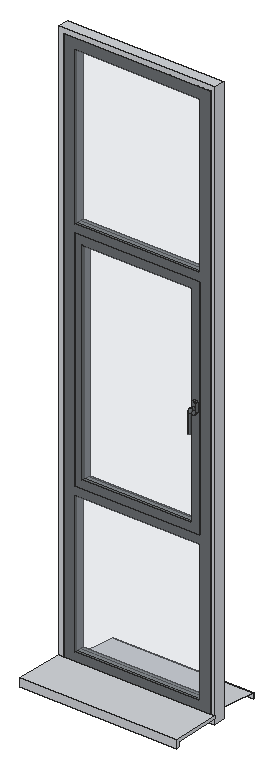
Revit family "AVLN_Окно_Две Фрамуга_1 створка", category Окна, Revit 2021
Family settings
  Основа = Стена
  Номер OmniClass = 23.30.20.00
  Заголовок OmniClass = Windows
  Всегда вертикально = Да
  При загрузке вырезать с полостями = Нет
  Общий = Нет
  Точка принадлежности помещению = Нет
Parameters (values of type "ОК-3 3650х1000 ф/в")
  Ширина рамы = 70 mm
  Ширина импоста = 50 mm
  Четверть слева/справа = 50 mm
  Четверть низ = 0 mm  # constant formula
  Четверть верх = 50 mm
  Створка_сверху_высота = 1000 mm
  Створка_снизу_высота = 900 mm
  Створка_толщина = 25 mm  # constant formula
  Толщина основы [instance] = 200 mm
  Створка_ширина = Width - ((Ширина рамы * 2) + (Монтажный зазор * 2))  # 800 mm
  Створка_слева_ширина = 600 mm
  Створка_профиль = 50 mm
  Створка_высота = Height - (Створка_снизу_высота + Створка_сверху_высота + (Ширина рамы * 2) + (Ширина импоста * 2) + (Монтажный зазор * 2))  # 1450 mm
  Центр право открывание = АВЛН_Створка открывная : Створка повороно-откидная левая
  Рабочая зона = yes
  Rough Width = Width - Монтажный зазор * 2  # 940 mm
  Rough Height = Height - Монтажный зазор * 2  # 3590 mm
  Подстановочный профиль_Ширина = 20 mm  # constant formula
  Подстановочный профиль_Толщина = 60 mm
  Подоконник_Толщина = 20 mm
  Подоконник_Длина = Width  # 1000 mm
  Подоконник_Глубина = 280 mm
  Подоконник = yes
  Определить тепловые свойства по = Тип схем
  Низ право открывание = АВЛН_Створка открывная : Створка глухая
  М.Заполнение нижней створки = ADSK_Стекло_Прозрачное бесцветное_закалённое
  Группа модели = "Окно"
  Глубина вставки = 0 mm
  Отлив_Толщина = 1 mm  # constant formula
  Отлив_Длина = Width - [Четверть слева/справа] * 2  # 900 mm
  Отлив_Глубина = 280 mm
  Отлив = yes
  Откос_Н.Ширина = Width - 2 * [Четверть слева/справа]  # 900 mm
  Откос_Н.Толщина.8 = 32 mm
  Откос_Н.Толщина.7 = 28 mm
  Откос_Н.Толщина.6 = 24 mm
  Откос_Н.Толщина.5 = 20 mm
  Откос_Н.Толщина.4 = 16 mm
  Откос_Н.Толщина.3 = 12 mm
  Откос_Н.Толщина.2 = 8 mm
  Откос_Н.Толщина.1 = 4 mm
  Откос_Н.Отступ_П = 0 mm  # constant formula
  Откос_Н.Отступ_Л = 0 mm  # constant formula
  Откос_Н.Количество слоев = 0
  Откос_Н.Глубина = 150 mm
  Откос_Н.Высота = Height - Четверть верх - Четверть низ  # 3600 mm
  Откос_В.Толщина.8 = 32 mm
  Откос_В.Толщина.7 = 28 mm
  Откос_В.Толщина.6 = 24 mm
  Откос_В.Толщина.5 = 20 mm
  Откос_В.Толщина.4 = 16 mm
  Откос_В.Толщина.3 = 12 mm
  Откос_В.Толщина.2 = 8 mm
  Откос_В.Толщина.1 = 4 mm
  Откос_В.Отступ_П [instance] = Монтажный зазор + Подоконник_Толщина  # 50 mm
  Откос_В.Отступ_Л [instance] = Монтажный зазор + Подоконник_Толщина  # 50 mm
  Откос_В.Количество слоев = 0
  Откос_В.Глубина [instance] = Толщина основы - Глубина вставки - Ширина рамы  # 130 mm
  Монтажный зазор = 30 mm
  М.Подоконник = none
  М.Отлив = none
  М.Откос_Н.8 = none
  М.Откос_Н.7 = none
  М.Откос_Н.6 = none
  М.Откос_Н.5 = none
  М.Откос_Н.4 = none
  М.Откос_Н.3 = none
  М.Откос_Н.2 = none
  М.Откос_Н.1 = Панель фиброцементная Светлая
  М.Откос_В.8 = none
  М.Откос_В.7 = none
  М.Откос_В.6 = none
  М.Откос_В.5 = none
  М.Откос_В.4 = none
  М.Откос_В.3 = none
  М.Откос_В.2 = none
  М.Откос_В.1 = Панель фиброцементная Светлая
  М.Монтажного зазора = none
  М.Стекла = ADSK_Стекло_Прозрачное бесцветное
  М.Рамы = RAL 7016
  М.Подоконный профиль = none
  Type Comments = ""
  Height = 3650 mm
  Высота подоконника по умолчанию = 800 mm
  Замыкание стены = По основе
  Width = 1000 mm
  Верх право открывание = АВЛН_Створка открывная : Створка глухая
  Аналитическая конструкция = "<Нет>"
  АВЛН_Проем_Ширина [instance] = Width  # 1000 mm
  АВЛН_Проем_Высота [instance] = Height  # 3650 mm
  ADSK_Этаж [instance] = ""
  ADSK_Размер_Ширина = Width  # 1000 mm
  ADSK_Размер_Высота = Height  # 3650 mm
  ADSK_Примечание [instance] = ""
  ADSK_Обозначение = "ГОСТ 30674-99"
  ADSK_Номер секции [instance] = ""
  ADSK_Наименование = "ОП Б2 (4М1-12-4М1-12-И4)"
  ADSK_Марка = ""
  ADSK_Группирование = ""
  -----------Разрезка----------- = "-----------"  # constant formula
  -----------Профили----------- = "-----------"  # constant formula
  -----------Подоконник----------- = "-----------"  # constant formula
  -----------Отлив----------- = "-----------"  # constant formula
  -----------Откос----------- = "-----------"  # constant formula
  -----------Основные габариты----------- = "-----------"  # constant formula
  -----------Вставка----------- = "-----------"  # constant formula
Types (5, lengths in mm): name | Створка_сверху_высота | Створка_снизу_высота | Створка_высота | Центр право открывание | Рабочая зона | Rough Height | Низ право открывание | М.Заполнение нижней створки | Группа модели | Отлив_Глубина | Откос_Н.Количество слоев | Откос_Н.Высота | М.Откос_Н.1 | М.Откос_В.1 | М.Стекла | М.Рамы | Height | АВЛН_Проем_Высота | ADSK_Размер_Высота | ADSK_Обозначение | ADSK_Наименование
  3080х1000 | 920 | 920 | 940 | АВЛН_Створка открывная : Створка глухая | no | 3020 | АВЛН_Створка открывная : Створка повороно-откидная левая | Стекло | 0 | 280 | 1 | 3030 | ADSK_Полимеры_ Поливинилхлорид_(ПВХ) белый | ADSK_Полимеры_ Поливинилхлорид_(ПВХ) белый | Стекло | none | 3080 | 3080 | 3080 | "" | ""
  ОК-3.1 3650х1000 ф/в_E30 | 1000 | 900 | 1450 | АВЛН_Створка открывная : Створка повороно-откидная левая | yes | 3590 | АВЛН_Створка открывная : Створка глухая | ADSK_Стекло_Прозрачное бесцветное_закалённое | "Окно" | 280 | 0 | 3600 | Панель фиброцементная Светлая | Панель фиброцементная Светлая | ADSK_Стекло_Прозрачное бесцветное_закалённое | RAL 7016 | 3650 | 3650 | 3650 | "ГОСТ 30674-99" | "ОП Б2 (4М1-12-4М1-12-И4)"
  ОК-7.1 3450х1000_E15 | 1000 | 950 | 1200 | АВЛН_Створка открывная : Створка повороно-откидная левая | yes | 3390 | АВЛН_Створка открывная : Створка глухая | ADSK_Стекло_Прозрачное бесцветное_закалённое | "Окно" | 325 | 0 | 3400 | Панель фиброцементная Светлая | Панель фиброцементная Светлая | ADSK_Стекло_Прозрачное бесцветное_закалённое | RAL 7016 | 3450 | 3450 | 3450 | "ГОСТ 30674-99" | "ОП Б2 (4М1-12-4М1-12-И4)"
  ОК-7 3450х1000 | 1000 | 950 | 1200 | АВЛН_Створка открывная : Створка повороно-откидная левая | yes | 3390 | АВЛН_Створка открывная : Створка глухая | ADSK_Стекло_Прозрачное бесцветное_закалённое | "Окно" | 325 | 0 | 3400 | Панель фиброцементная Светлая | Панель фиброцементная Светлая | ADSK_Стекло_Прозрачное бесцветное | RAL 7016 | 3450 | 3450 | 3450 | "ГОСТ 30674-99" | "ОП Б2 (4М1-12-4М1-12-И4)"
  ОК-3 3650х1000 ф/в | 1000 | 900 | 1450 | АВЛН_Створка открывная : Створка повороно-откидная левая | yes | 3590 | АВЛН_Створка открывная : Створка глухая | ADSK_Стекло_Прозрачное бесцветное_закалённое | "Окно" | 280 | 0 | 3600 | Панель фиброцементная Светлая | Панель фиброцементная Светлая | ADSK_Стекло_Прозрачное бесцветное | RAL 7016 | 3650 | 3650 | 3650 | "ГОСТ 30674-99" | "ОП Б2 (4М1-12-4М1-12-И4)"
Reference planes
  plane 1 "По центру (Вперед/Назад)": y = 0
  plane 2 "По центру (Влево/Вправо)": x = 0
  plane 3 "Слева": x = -500
  plane 4 "Справа": x = 500
  plane 5 "Подоконник": z = 800
  plane 6 "Заголовок": z = 4450
  plane 7 "Наружный": y = 100
  plane 8 "Внутренние": y = -100
  plane 9 "Окно": y = 100
  plane 10: x = 470
  plane 11: z = 4420
  plane 12: x = -470
  plane 13: z = 830
  plane 14: x = 450
  plane 15: x = -450
  plane 16: z = 2625
  plane 17: y = 600
  plane 18: y = -400
  plane 19: z = 4400
  plane 20 "Чет. низ": z = 800
  plane 21 "Внутряння грань": y = 30
  plane 22: y = 80
  plane 23 "Импост верх": z = 1850
  plane 24 "Импост низ": z = 1800
  plane 25: z = 900
  plane 26: z = 4350
  plane 27: x = -400
  plane 28: x = 400
  plane 29 "4": z = 1825
  plane 30 "9": x = 0
  plane 31 "12": z = 2575
  plane 32: z = 1350
  plane 33 "14": z = 3350
  plane 34 "15": z = 3300
  plane 35 "16": z = 3325
  plane 36: z = 3850
  plane 37: y = -970
Forms (mm)
  Extrusion 1, void
    sketch origin (0, 100, 0) x (1, 0, 0) y (0, 0, 1)
      loop
        line (450, 4400) -> (-450, 4400) -> (-450, 800) -> (450, 800) -> (450, 4400)
    from -500 to 20
  Extrusion 2, void
    sketch origin (0, 100, 0) x (1, 0, 0) y (0, 0, 1)
      loop
        line (500, 4450) -> (-500, 4450) -> (-500, 800) -> (500, 800) -> (500, 4450)
    from 0 to 500
  Extrusion 3, solid, material <- "М.Монтажного зазора", detail levels medium+fine
    sketch origin (0, 100, 0) x (1, 0, 0) y (0, 0, 1)
      loop
        line (500, 4450) -> (-500, 4450) -> (-500, 800) -> (500, 800) -> (500, 4450)
      loop
        line (-470, 4420) -> (-470, 830) -> (470, 830) -> (470, 4420) -> (-470, 4420)
    from 0 to 70
  Extrusion 4, solid, material "RAL 7016" <- "М.Рамы", detail levels medium+fine
    sketch origin (0, 100, 0) x (-1, 0, 0) y (0, 0, 1)
      loop
        line (-470, 4420) -> (-470, 830) -> (470, 830) -> (470, 4420) -> (-470, 4420)
      loop
        line (400, 4350) -> (-400, 4350) -> (-400, 3350) -> (400, 3350) -> (400, 4350)
      loop
        line (400, 1800) -> (-400, 1800) -> (-400, 900) -> (400, 900) -> (400, 1800)
      loop
        line (400, 1850) -> (400, 3300) -> (-400, 3300) -> (-400, 1850) -> (400, 1850)
    from -70 to 0
Lines and regions (mm)
  reference lines
    curve 1: line (-500, -100, 1825) -> (500, -100, 1825)
    curve 2: line (-500, -100, 3325) -> (500, -100, 3325)
  model lines, style "Рабочая зона", visible <- "Рабочая зона"
    curve 3: line (500, 30, 800) -> (500, -970, 800)
    curve 4: line (-500, 70.483, 800) -> (-500, -970, 800)
    curve 5: line (-500, -970, 800) -> (500, -970, 800)
Text (mm)
  text "EXTERIOR" at (-1963.203, 1332.353, 0), in view "Опорный уровень"
  text "INTERIOR" at (-1981.466, -818.386, 0), in view "Опорный уровень"
  text "Наружный" at (0, 923.751, 2943.296), in view "Справа"
  text "Наружный" at (0, 1240.237, 2685.409), in view "Слева"
Dimensions and locks
  equal spacing: plane 3 "Слева", plane 2 "По центру (Влево/Вправо)", plane 4 "Справа"
  "Width": plane 3 "Слева" to plane 4 "Справа"
  "Height": plane 5 "Подоконник" to plane 6 "Заголовок"
  "Высота подоконника по умолчанию": plane 5 "Подоконник" to level
  locked: plane 7 "Наружный" to host wall
  locked: plane 8 "Внутренние" to host wall
  "Глубина вставки": plane 9 "Окно" to plane 7 "Наружный"
  "Монтажный зазор": plane 10 to plane 4 "Справа"
  "Монтажный зазор": plane 3 "Слева" to plane 12
  "Монтажный зазор": plane 11 to plane 6 "Заголовок"
  "Монтажный зазор": plane 5 "Подоконник" to plane 13
  "Четверть слева/справа": plane 14 to plane 4 "Справа"
  "Четверть слева/справа": plane 3 "Слева" to plane 15
  equal spacing: plane 5 "Подоконник", plane 16, plane 6 "Заголовок"
  locked: plane 7 "Наружный" to plane 17 at 500
  locked: plane 18 to plane 8 "Внутренние" at 300
  "Четверть верх": plane 19 to plane 6 "Заголовок"
  "Четверть низ": plane 5 "Подоконник" to plane 20 "Чет. низ"
  "Ширина рамы": plane 9 "Окно" to plane 21 "Внутряння грань"
  "Толщина основы": host wall to host wall
  locked: plane 22 to plane 21 "Внутряння грань" at 50
  "Ширина импоста": plane 24 "Импост низ" to plane 23 "Импост верх"
  "Ширина рамы": plane 28 to plane 10
  "Ширина рамы": plane 12 to plane 27
  "Ширина рамы": plane 13 to plane 25
  "Ширина рамы": plane 26 to plane 11
  plane 23 "Импост верх" to plane 26 = 2500 mm
  "Створка_снизу_высота": plane 25 to plane 24 "Импост низ"
  equal spacing: plane 23 "Импост верх", plane 29 "4", plane 24 "Импост низ"
  equal spacing: plane 34 "15", plane 31 "12", plane 23 "Импост верх"
  equal spacing: plane 24 "Импост низ", plane 32, plane 25
  plane 23 "Импост верх" to nested 5 to plane 26 = 725 mm, 1775 mm
  plane 25 to plane 32 to plane 24 "Импост низ" = 450 mm, 450 mm
  "Ширина импоста": plane 34 "15" to plane 33 "14"
  equal spacing: plane 33 "14", plane 35 "16", plane 34 "15"
  "Створка_сверху_высота": plane 33 "14" to plane 26
  equal spacing: plane 33 "14", plane 36, plane 26
  "Width": plane 21 "Внутряння грань" to plane 37
  aligned and locked: Extrusion 1 sketch curve to plane 14
  aligned and locked: Extrusion 1 sketch curve to plane 15
  aligned and locked: plane 17 to Extrusion 1
  aligned and locked: Extrusion 2 sketch curve to plane 6 "Заголовок"
  aligned and locked: Extrusion 2 sketch curve to plane 4 "Справа"
  aligned and locked: plane 5 "Подоконник" to Extrusion 2 sketch curve
  aligned and locked: Extrusion 2 sketch curve to plane 3 "Слева"
  aligned and locked: plane 9 "Окно" to Extrusion 2
  aligned and locked: Extrusion 2 to plane 18
  aligned and locked: Extrusion 1 sketch curve to plane 19
  aligned and locked: plane 20 "Чет. низ" to Extrusion 1 sketch curve
  aligned and locked: plane 9 "Окно" to nested 1
  aligned and locked: plane 2 "По центру (Влево/Вправо)" to nested 1
  aligned and locked: nested 2 to plane 21 "Внутряння грань"
  aligned and locked: nested 2 to plane 2 "По центру (Влево/Вправо)"
  aligned and locked: nested 3 to plane 2 "По центру (Влево/Вправо)"
  aligned and locked: plane 8 "Внутренние" to nested 3
  aligned and locked: nested 4 to plane 9 "Окно"
  aligned and locked: Extrusion 3 sketch curve to plane 6 "Заголовок"
  aligned and locked: Extrusion 3 sketch curve to plane 4 "Справа"
  aligned and locked: Extrusion 3 sketch curve to nested 2  (x2)
  aligned and locked: Extrusion 3 sketch curve to plane 11
  aligned and locked: Extrusion 3 sketch curve to plane 12
  aligned and locked: plane 13 to Extrusion 3 sketch curve
  aligned and locked: Extrusion 3 sketch curve to plane 10
  aligned and locked: Extrusion 3 to nested 2
  aligned and locked: Extrusion 4 sketch curve to Extrusion 4 sketch curve
  aligned and locked: plane 27 to Extrusion 4 sketch curve
  aligned and locked: Extrusion 4 sketch curve to plane 12
  aligned and locked: plane 13 to Extrusion 4 sketch curve
  aligned and locked: Extrusion 4 sketch curve to plane 11
  aligned and locked: plane 20 "Чет. низ" to nested 4
  aligned and locked: nested 4 to plane 2 "По центру (Влево/Вправо)"
  aligned and locked: plane 9 "Окно" to Extrusion 3
  aligned and locked: Extrusion 4 to plane 21 "Внутряння грань"
  aligned and locked: plane 9 "Окно" to Extrusion 4
  aligned and locked: Extrusion 1 to plane 22
  aligned and locked: curve 1 to plane 29 "4"
  aligned and locked: plane 3 "Слева" to curve 1
  aligned and locked: plane 4 "Справа" to curve 1
  aligned and locked: Extrusion 4 sketch curve to plane 10
  aligned and locked: plane 26 to Extrusion 4 sketch curve
  aligned and locked: Extrusion 4 sketch curve to plane 25
  aligned and locked: Extrusion 4 sketch curve to plane 28
  aligned and locked: Extrusion 4 sketch curve to plane 24 "Импост низ"
  aligned and locked: Extrusion 4 sketch curve to plane 23 "Импост верх"
  aligned and locked: plane 31 "12" to nested 5
  aligned and locked: plane 32 to nested 6
  aligned and locked: plane 28 to Extrusion 4
  aligned and locked: Extrusion 4 to plane 27
  aligned and locked: plane 33 "14" to Extrusion 4 sketch curve
  aligned and locked: plane 34 "15" to Extrusion 4 sketch curve
  aligned and locked: plane 36 to nested 7
  aligned and locked: curve 2 to plane 35 "16"
  aligned and locked: nested 7 to plane 30 "9"
  aligned and locked: plane 30 "9" to nested 5
  aligned and locked: plane 30 "9" to nested 6
  aligned and locked: plane 3 "Слева" to curve 4
  aligned and locked: plane 4 "Справа" to curve 3
  aligned and locked: curve 5 to plane 37
Automatic sketch dimensions
  plane 3 "Слева" to curve 2 = 0 mm
  plane 4 "Справа" to curve 2 = 0 mm
  plane 28 to Extrusion 4 sketch curve = 0 mm  (x2)
  plane 27 to Extrusion 4 sketch curve = 0 mm
  curve 3 to plane 21 "Внутряння грань" = 0 mm
  curve 4 to plane 22 = 9.517 mm
Nested families
  nested 1: "Отлив" at (0, 100, 800) x (-1, 0, 0) z (0, 0, 1), Глубина отлива <- "Отлив_Глубина", Длина отлива <- "Отлив_Длина", ТО <- "Отлив_Толщина", Ш_МЗЗ <- "Монтажный зазор", Ш_ПП <- "Подстановочный профиль_Ширина", ADSK_Группирование <- "ADSK_Группирование", ADSK_Номер секции <- "ADSK_Номер секции", ADSK_Этаж <- "ADSK_Этаж", visible <- "Отлив", М <- "М.Отлив", type "Отлив", detail levels fine
    with Ш_ПП 20 mm, Ш_МЗЗ 30 mm, ТО 1 mm, М none, Длина отлива 900 mm, Глубина отлива 280 mm, ADSK_Этаж "", ADSK_Примечание "", ADSK_Обозначение "", ADSK_Номер секции "", ADSK_Наименование "", ADSK_Марка "", ADSK_Группирование ""
  nested 2: "Подоконник" at (0, 30, 800), Глубина подоконника <- "Подоконник_Глубина", Длина отлива <- "Подоконник_Длина", ТП <- "Подоконник_Толщина", Ш_МЗЗ <- "Монтажный зазор", Ш_ПП <- "Подстановочный профиль_Ширина", ADSK_Группирование <- "ADSK_Группирование", ADSK_Этаж <- "ADSK_Этаж", visible <- "Подоконник", М <- "М.Подоконник", type "Подоконник", detail levels fine
    with Ш_ПП 20 mm, Ш_МЗЗ 30 mm, ТП 20 mm, М none, Длина отлива 1000 mm, Глубина подоконника 280 mm, ADSK_Этаж "", ADSK_Размер_Длина 1000 mm, ADSK_Размер_Глубина 280 mm, ADSK_Номер секции "", ADSK_Марка "", ADSK_Группирование ""
  nested 3: "AVLN_Откосы_R19" at (0, -100, 0), Глубина <- "Откос_В.Глубина", Высота от уровня <- "Высота подоконника по умолчанию", ADSK_Группирование <- "Type Comments", ADSK_Этаж <- "ADSK_Этаж", ADSK_Номер секции <- "ADSK_Номер секции", Материал_1 <- "М.Откос_В.1", Материал_2 <- "М.Откос_В.2", Материал_3 <- "М.Откос_В.3", Материал_4 <- "М.Откос_В.4", Материал_5 <- "М.Откос_В.5", Материал_6 <- "М.Откос_В.6", Материал_7 <- "М.Откос_В.7", Материал_8 <- "М.Откос_В.8", Толщина_1 <- "Откос_В.Толщина.1", Толщина_2 <- "Откос_В.Толщина.2", Толщина_3 <- "Откос_В.Толщина.3", Толщина_4 <- "Откос_В.Толщина.4", Толщина_5 <- "Откос_В.Толщина.5", Толщина_6 <- "Откос_В.Толщина.6", Толщина_7 <- "Откос_В.Толщина.7", Толщина_8 <- "Откос_В.Толщина.8", Количество слоев <- "Откос_В.Количество слоев", Отступ_Л <- "Откос_В.Отступ_Л", Отступ_П <- "Откос_В.Отступ_П", Высота <- "Height", Ширина <- "Width", type "AVLN_Откосы_R19"
    with Ширина_8 776 mm, Ширина_7 832 mm, Ширина_6 880 mm, Ширина_5 920 mm, Ширина_4 952 mm, Ширина_3 976 mm, Ширина_2 992 mm, Ширина 1000 mm, Толщина_8 32 mm, Толщина_7 28 mm, Толщина_6 24 mm, Толщина_5 20 mm, Толщина_4 16 mm, Толщина_3 12 mm, Толщина_2 8 mm, Толщина_1 4 mm, Отступ_П 50 mm, Отступ_Л 50 mm, Материал_8 none, Материал_7 none, Материал_6 none, Материал_5 none, Материал_4 none, Материал_3 none, Материал_2 none, Материал_1 Панель фиброцементная Светлая, Количество слоев 0, Глубина 130 mm, Высота_8 3538 mm, Высота_7 3566 mm, Высота_6 3590 mm, Высота_5 3610 mm, Высота_4 3626 mm, Высота_3 3638 mm, Высота_2 3646 mm, Высота от уровня 800 mm, Высота 3650 mm, Видимость_8 no, Видимость_7 no, Видимость_6 no, Видимость_5 no, Видимость_4 no, Видимость_3 no, Видимость_2 no, Видимость_1 no, ADSK_Этаж "", ADSK_Номер секции "", ADSK_Группирование ""
  nested 4: "AVLN_Откосы_R19" at (0, 100, 0), Ширина <- "Откос_Н.Ширина", Глубина <- "Откос_Н.Глубина", Высота <- "Откос_Н.Высота", Высота от уровня <- "Высота подоконника по умолчанию", ADSK_Группирование <- "Type Comments", ADSK_Этаж <- "ADSK_Этаж", ADSK_Номер секции <- "ADSK_Номер секции", Материал_1 <- "М.Откос_Н.1", Материал_2 <- "М.Откос_Н.2", Материал_3 <- "М.Откос_Н.3", Материал_4 <- "М.Откос_Н.4", Материал_5 <- "М.Откос_Н.5", Материал_6 <- "М.Откос_Н.6", Материал_7 <- "М.Откос_Н.7", Материал_8 <- "М.Откос_Н.8", Толщина_1 <- "Откос_Н.Толщина.1", Толщина_2 <- "Откос_Н.Толщина.2", Толщина_3 <- "Откос_Н.Толщина.3", Толщина_4 <- "Откос_Н.Толщина.4", Толщина_5 <- "Откос_Н.Толщина.5", Толщина_6 <- "Откос_Н.Толщина.6", Толщина_7 <- "Откос_Н.Толщина.7", Толщина_8 <- "Откос_Н.Толщина.8", Количество слоев <- "Откос_Н.Количество слоев", Отступ_Л <- "Откос_Н.Отступ_Л", Отступ_П <- "Откос_Н.Отступ_П", type "AVLN_Откосы_R19"
    with Ширина_8 676 mm, Ширина_7 732 mm, Ширина_6 780 mm, Ширина_5 820 mm, Ширина_4 852 mm, Ширина_3 876 mm, Ширина_2 892 mm, Ширина 900 mm, Толщина_8 32 mm, Толщина_7 28 mm, Толщина_6 24 mm, Толщина_5 20 mm, Толщина_4 16 mm, Толщина_3 12 mm, Толщина_2 8 mm, Толщина_1 4 mm, Отступ_П 0 mm, Отступ_Л 0 mm, Материал_8 none, Материал_7 none, Материал_6 none, Материал_5 none, Материал_4 none, Материал_3 none, Материал_2 none, Материал_1 Панель фиброцементная Светлая, Количество слоев 0, Глубина 150 mm, Высота_8 3488 mm, Высота_7 3516 mm, Высота_6 3540 mm, Высота_5 3560 mm, Высота_4 3576 mm, Высота_3 3588 mm, Высота_2 3596 mm, Высота от уровня 800 mm, Высота 3600 mm, Видимость_8 no, Видимость_7 no, Видимость_6 no, Видимость_5 no, Видимость_4 no, Видимость_3 no, Видимость_2 no, Видимость_1 no, ADSK_Этаж "", ADSK_Номер секции "", ADSK_Группирование ""
  nested 5: "АВЛН_Створка открывная" at (0, 30, 2575) x (1, 0, 0) z (0, 1, 0), type <- "Центр право открывание", Створка высота <- "Створка_высота", Створка ширина <- "Створка_ширина", Ширина рамы <- "Створка_профиль", Материал_Ручки <- "М.Рамы", Материал_Рама <- "М.Рамы", Материал_Стеклопакет <- "М.Стекла", type "Створка повороно-откидная левая", detail levels medium+fine
    with Ширина рамы 50 mm, Створка ширина 800 mm, Створка высота 1450 mm, Материал_Стеклопакет ADSK_Стекло_Прозрачное бесцветное, Материал_Ручки RAL 7016, Материал_Рама RAL 7016, Height 1450 mm
  nested 6: "АВЛН_Створка открывная" at (0, 30, 1350) x (1, 0, 0) z (0, 1, 0), type <- "Низ право открывание", Створка высота <- "Створка_снизу_высота", Створка ширина <- "Створка_ширина", Ширина рамы <- "Створка_профиль", Материал_Ручки <- "М.Рамы", Материал_Рама <- "М.Рамы", Материал_Стеклопакет <- "М.Заполнение нижней створки", type "Створка глухая", detail levels medium+fine
    with Ширина рамы 50 mm, Створка ширина 800 mm, Створка высота 900 mm, Материал_Стеклопакет ADSK_Стекло_Прозрачное бесцветное_закалённое, Материал_Ручки RAL 7016, Материал_Рама RAL 7016, Height 1450 mm
  nested 7: "АВЛН_Створка открывная" at (0, 30, 3850) x (1, 0, 0) z (0, 1, 0), type <- "Верх право открывание", Створка высота <- "Створка_сверху_высота", Створка ширина <- "Створка_ширина", Ширина рамы <- "Створка_профиль", Материал_Ручки <- "М.Рамы", Материал_Рама <- "М.Рамы", Материал_Стеклопакет <- "М.Стекла", type "Створка глухая", detail levels medium+fine
    with Ширина рамы 50 mm, Створка ширина 800 mm, Створка высота 1000 mm, Материал_Стеклопакет ADSK_Стекло_Прозрачное бесцветное, Материал_Ручки RAL 7016, Материал_Рама RAL 7016, Height 1450 mm
Definition of nested family "Отлив"
  Parameters (values of type "Отлив")
    Ш_ПП [instance] = 50 mm
    Ш_МЗЗ [instance] = 35 mm
    ТО [instance] = 1 mm
    Default Elevation = 1219.2 mm
    М [instance] = none
    Длина отлива [instance] = 1560 mm
    Глубина отлива [instance] = 280 mm
    ADSK_Этаж [instance] = ""
    ADSK_Примечание [instance] = ""
    ADSK_Обозначение [instance] = ""
    ADSK_Номер секции [instance] = ""
    ADSK_Наименование [instance] = ""
    ADSK_Марка [instance] = ""
    ADSK_Группирование [instance] = ""
  Reference planes
    plane 1 "По центру (Вперед/Назад)": y = 0
    plane 2: z = 0
    plane 3 "По центру (Влево/Вправо)": x = 0
    plane 4: y = -280
    plane 5: x = -780
    plane 6: x = 780
    plane 7: z = 35
    plane 8: z = 85
    plane 9: y = -1
    plane 10: y = -300
    plane 11: y = -301
    plane 12: z = -35
    plane 13: z = 34
  Forms (mm)
    Extrusion 1, solid, material <- "М"
      sketch origin (0, 0, 0) x (0, 1, 0) y (0, 0, 1)
        loop
          line (0, 85) -> (-1, 85) -> (-1, 34.893) -> (-301, 0.893) -> (-301, -35) -> (-300, -35) -> (-300, 0) -> (0, 34) -> (0, 85)
      from -780 to 780
  Dimensions and locks
    equal spacing: plane 5, plane 3 "По центру (Влево/Вправо)", plane 6
    "Длина отлива": plane 5 to plane 6
    "Глубина отлива": plane 4 to plane 1 "По центру (Вперед/Назад)"
    "Ш_МЗЗ": plane 7 to level
    "Ш_ПП": plane 8 to plane 7
    "ТО": plane 1 "По центру (Вперед/Назад)" to plane 9
    "ТО": plane 10 to plane 11
    locked: level to plane 12 at 35
    "ТО": plane 7 to plane 13
    "ТО": Extrusion 1 sketch curve to Extrusion 1 sketch curve
    locked: plane 4 to plane 10 at 20
    aligned and locked: level to plane 2
    aligned and locked: plane 8 to Extrusion 1 sketch curve
    aligned and locked: plane 9 to Extrusion 1 sketch curve
    aligned and locked: plane 11 to Extrusion 1 sketch curve
    aligned and locked: plane 12 to Extrusion 1 sketch curve
    aligned and locked: plane 1 "По центру (Вперед/Назад)" to Extrusion 1 sketch curve  (x2)
    aligned and locked: plane 13 to Extrusion 1 sketch curve
    aligned and locked: level to Extrusion 1 sketch curve
    aligned and locked: plane 10 to Extrusion 1 sketch curve
    aligned and locked: plane 6 to Extrusion 1
    aligned and locked: Extrusion 1 to plane 5
Definition of nested family "Подоконник"
  Parameters (values of type "Подоконник")
    Ш_ПП [instance] = 50 mm
    Ш_МЗЗ [instance] = 35 mm
    ТП [instance] = 20 mm
    Default Elevation = 1219.2 mm
    М [instance] = none
    Длина отлива [instance] = 1560 mm
    Model = "Подоконная доска"
    Глубина подоконника [instance] = 280 mm
    ADSK_Этаж [instance] = ""
    ADSK_Размер_Длина [instance] = Длина отлива  # 1560 mm
    ADSK_Размер_Глубина [instance] = Глубина подоконника  # 280 mm
    ADSK_Обозначение = "ГОСТ 30673-93"
    ADSK_Номер секции [instance] = ""
    ADSK_Наименование = "Подоконная доска ПВХ"
    ADSK_Марка [instance] = ""
    ADSK_Группирование [instance] = ""
  Reference planes
    plane 1 "По центру (Вперед/Назад)": y = 0
    plane 2: z = 0
    plane 3 "По центру (Влево/Вправо)": x = 0
    plane 4: y = -280
    plane 5: x = -780
    plane 6: x = 780
    plane 7: z = 35
    plane 8: z = 85
    plane 9: y = -20
    plane 10: y = -290
    plane 11: y = -310
    plane 12: z = -35
    plane 13: z = 15
    plane 14: z = 65
  Forms (mm)
    Extrusion 1, solid, material <- "М"
      sketch origin (0, 0, 0) x (0, 1, 0) y (0, 0, 1)
        loop
          line (0, 85) -> (-310, 85) -> (-310, 0) -> (-290, 0) -> (-290, 65) -> (0, 65) -> (0, 85)
      from -780 to 780
  Dimensions and locks
    equal spacing: plane 5, plane 3 "По центру (Влево/Вправо)", plane 6
    "Длина отлива": plane 5 to plane 6
    "Глубина подоконника": plane 4 to plane 1 "По центру (Вперед/Назад)"
    "Ш_МЗЗ": plane 7 to level
    "Ш_ПП": plane 8 to plane 7
    "ТП": plane 1 "По центру (Вперед/Назад)" to plane 9
    "ТП": plane 10 to plane 11
    locked: level to plane 12 at 35
    "ТП": plane 7 to plane 13
    locked: plane 4 to plane 10 at 10
    "ТП": plane 8 to plane 14
    aligned and locked: level to plane 2
    aligned and locked: plane 8 to Extrusion 1 sketch curve
    aligned and locked: plane 1 "По центру (Вперед/Назад)" to Extrusion 1 sketch curve
    aligned and locked: plane 10 to Extrusion 1 sketch curve
    aligned and locked: plane 11 to Extrusion 1 sketch curve
    aligned and locked: level to Extrusion 1 sketch curve
    aligned and locked: plane 14 to Extrusion 1 sketch curve
    aligned and locked: Extrusion 1 to plane 5
    aligned and locked: plane 6 to Extrusion 1
Definition of nested family "АВЛН_Створка открывная"
  Parameters (values of type "Створка повороно-откидная правая")
    Ширина рамы [instance] = 50 mm
    Width = 600 mm
    Створка ширина [instance] = 800 mm
    Створка высота [instance] = 700 mm
    Материал_Стеклопакет [instance] = none
    Поворотная Правая = yes
    Поворотная Левая = no
    Default Elevation = 1219.2 mm
    Открываная = yes
    Откидная = yes
    Материал_Ручки [instance] = none
    Материал_Рама [instance] = none
    Левая = yes
    Глухое = no
    Height = 1150 mm
    Analytic Construction = "<Нет>"
  Types (6, lengths in mm): name | Width | Поворотная Правая | Поворотная Левая | Открываная | Откидная | Глухое | Height
    Створка повороно-откидная правая | 600 | yes | no | yes | yes | no | 1150
    Створка повороно-откидная левая | 600 | no | yes | yes | yes | no | 1150
    Створка глухая | 600 | no | no | no | no | yes | 1150
    Створка откидная | 1300 | no | no | yes | yes | no | 1700
    Створка поворотная правая | 600 | yes | no | yes | no | no | 1150
    Створка поворотная левая | 600 | no | yes | yes | no | no | 1150
  Reference planes
    plane 1 "По центру (Вперед/Назад)": y = 0
    plane 2 "Внутрення грань": z = 0
    plane 3 "По центру (Влево/Вправо)": x = 0
    plane 4: y = 350
    plane 5: x = 400
    plane 6: y = -350
    plane 7: x = -400
    plane 8 "Наружняя грань": z = 60.433
    plane 9 "По центру Л/Р": z = 30.216
  Forms (mm)
    Extrusion 1, solid
      sketch origin (0, 0, 0) x (1, 0, 0) y (0, 1, 0)
        loop
          line (-1219.2, 1219.2) -> (-1219.2, -1219.2) -> (1219.2, -1219.2) -> (1219.2, 1219.2) -> (-1219.2, 1219.2)
      from 0 to -304.8
    Sweep 2, solid, material <- "Материал_Рама", visible <- "Открываная"
      path origin (0, 0, 0) x (1, 0, 0) y (0, 1, 0)
        loop
          line (400, 350) -> (-400, 350) -> (-400, -350) -> (400, -350) -> (400, 350)
      profile origin (0, 350, 0) x (0, -1, 0) y (0, 0, 1)
        loop
          line (0, 0) -> (50, 0) -> (50, 60.433) -> (0, 60.433) -> (0, 0)
    Extrusion 3, solid, material <- "Материал_Стеклопакет", visible <- "Открываная"
      sketch origin (0, 0, 0) x (1, 0, 0) y (0, 1, 0)
        loop
          line (-350, 300) -> (-350, -300) -> (350, -300) -> (350, 300) -> (-350, 300)
      from 17.481 to 42.952
    Extrusion 4, solid, material <- "Материал_Стеклопакет", visible <- "Глухое"
      sketch origin (0, 0, 0) x (1, 0, 0) y (0, 1, 0)
        loop
          line (-400, 350) -> (-400, -350) -> (400, -350) -> (400, 350) -> (-400, 350)
      from 17.481 to 42.952
  Lines and regions (mm)
    model lines, visible <- "Глухое", detail levels medium+fine
      curve 1: line (0, 50, 60.433) -> (0, -50, 60.433)
      curve 2: line (50, 0, 60.433) -> (-50, 0, 60.433)
      curve 17: line (0, 50, 0) -> (0, -50, 0)
      curve 18: line (50, 0, 0) -> (-50, 0, 0)
    model lines, visible <- "Глухое", not visible, detail levels medium+fine
      curve 3: line (60, 38.001, 60.433) -> (60, -61.999, 60.433)
      curve 4: line (110, -11.999, 60.433) -> (10, -11.999, 60.433)
    model lines, visible <- "Поворотная Правая", detail levels medium+fine
      curve 5: line (400, 350, 0) -> (-400, 0, 0)
      curve 6: line (400, -350, 0) -> (-400, 0, 0)
      curve 13: line (400, 350, 60.433) -> (-400, 0, 60.433)
      curve 14: line (400, -350, 60.433) -> (-400, 0, 60.433)
    model lines, visible <- "Откидная", detail levels medium+fine
      curve 7: line (-400, -350, 0) -> (0, 350, 0)
      curve 8: line (0, 350, 0) -> (400, -350, 0)
      curve 15: line (-400, -350, 60.433) -> (0, 350, 60.433)
      curve 16: line (0, 350, 60.433) -> (400, -350, 60.433)
    model lines, visible <- "Поворотная Левая", detail levels medium+fine
      curve 9: line (-400, 350, 0) -> (400, 0, 0)
      curve 10: line (-400, -350, 0) -> (400, 0, 0)
      curve 11: line (-400, 350, 60.433) -> (400, 0, 60.433)
      curve 12: line (-400, -350, 60.433) -> (400, 0, 60.433)
  Dimensions and locks
    "Створка высота": plane 4 to plane 6
    "Створка ширина": plane 7 to plane 5
    equal spacing: plane 7, plane 3 "По центру (Влево/Вправо)", plane 5
    equal spacing: plane 6, plane 1 "По центру (Вперед/Назад)", plane 4
    plane 2 "Внутрення грань" to plane 8 "Наружняя грань" = 60.433 mm
    level to Extrusion 4 = 42.952 mm
    plane 8 "Наружняя грань" to level = 60.433 mm
    equal spacing: Extrusion 3, plane 9 "По центру Л/Р", Extrusion 3
    equal spacing: plane 8 "Наружняя грань", plane 9 "По центру Л/Р", level
    Extrusion 3 to Extrusion 3 = 25.471 mm
    "Ширина рамы": profile plane to Sweep 2 sketch curve
    equal spacing: Extrusion 4, plane 9 "По центру Л/Р", Extrusion 4, locked at 12.735 each
    locked: Extrusion 4 to Extrusion 4 at 25.471
    equal spacing: Sweep 2, nested 1, Sweep 2
    equal spacing: Sweep 2, nested 2, Sweep 2
    aligned and locked: plane 2 "Внутрення грань" to Extrusion 1
    aligned and locked: level to Extrusion 1
    aligned and locked: plane 4 to Sweep 2 sketch curve
    aligned and locked: plane 5 to Sweep 2 sketch curve
    aligned and locked: plane 6 to Sweep 2 sketch curve
    aligned and locked: Sweep 2 sketch curve to plane 7
    aligned and locked: Extrusion 3 sketch curve to Sweep 2  (x4)
    aligned and locked: Extrusion 4 sketch curve to Sweep 2  (x3)
    aligned and locked: Extrusion 4 sketch curve to plane 5
    aligned and locked: Sweep 2 sketch curve to plane 8 "Наружняя грань"
    aligned and locked: plane 6 to Extrusion 4
    aligned and locked: plane 4 to Extrusion 4
    aligned and locked: curve 2 to plane 1 "По центру (Вперед/Назад)"
    aligned and locked: curve 1 to plane 3 "По центру (Влево/Вправо)"
    aligned and locked: curve 18 to plane 1 "По центру (Вперед/Назад)"
    aligned and locked: curve 17 to plane 3 "По центру (Влево/Вправо)"
    aligned and locked: nested 2 to plane 1 "По центру (Вперед/Назад)"
    aligned and locked: nested 1 to plane 1 "По центру (Вперед/Назад)"
  Automatic sketch dimensions
    Extrusion 1 sketch curve to Extrusion 1 sketch curve = 2438.4 mm  (x2)
    plane 1 "По центру (Вперед/Назад)" to curve 5 = 0 mm
    curve 5 to plane 7 = 0 mm
    curve 9 to plane 4 = 0 mm
    curve 9 to plane 7 = 0 mm
    plane 6 to curve 7 = 0 mm
    curve 7 to plane 7 = 0 mm
    curve 7 to plane 3 "По центру (Влево/Вправо)" = 0 mm
    curve 6 to plane 5 = 0 mm
    plane 1 "По центру (Вперед/Назад)" to curve 9 = 0 mm
    curve 9 to plane 5 = 0 mm
    curve 5 to plane 4 = 0 mm
    curve 5 to plane 5 = 0 mm
    plane 6 to curve 8 = 0 mm
    curve 8 to plane 4 = 0 mm
    curve 11 to plane 4 = 0 mm
    curve 11 to plane 7 = 0 mm
    plane 6 to curve 15 = 0 mm
    curve 15 to plane 7 = 0 mm
    plane 1 "По центру (Вперед/Назад)" to curve 14 = 0 mm
    curve 14 to plane 7 = 0 mm
    curve 15 to plane 3 "По центру (Влево/Вправо)" = 0 mm
    plane 1 "По центру (Вперед/Назад)" to curve 11 = 0 mm
    curve 11 to plane 5 = 0 mm
    curve 14 to plane 5 = 0 mm
    curve 13 to plane 4 = 0 mm
    curve 13 to plane 5 = 0 mm
    plane 6 to curve 14 = 0 mm
    curve 15 to plane 4 = 0 mm
    plane 1 "По центру (Вперед/Назад)" to curve 2 = 0 mm
    curve 1 to plane 3 "По центру (Влево/Вправо)" = 0 mm
    curve 2 to plane 3 "По центру (Влево/Вправо)" = 50 mm
    plane 3 "По центру (Влево/Вправо)" to curve 2 = 50 mm
    plane 1 "По центру (Вперед/Назад)" to curve 1 = 50 mm
    curve 1 to plane 1 "По центру (Вперед/Назад)" = 50 mm
    curve 18 to curve 17 = 50 mm
    curve 17 to curve 18 = 50 mm
    plane 1 "По центру (Вперед/Назад)" to curve 17 = 50 mm
    curve 17 to plane 1 "По центру (Вперед/Назад)" = 50 mm
    Sweep 2 sketch curve to level = 0 mm
    Sweep 2 sketch curve to profile plane = 0 mm
  Nested families
    nested 1: "АВЛН_Ручка" at (375, 1040, 0) x (1, 0, 0) z (0, -1, 0), visible <- "Поворотная Левая", Материал дверной ручки <- "Материал_Рама", type "АВЛН_Ручка", detail levels fine
      with Материал дверной ручки none, Высота расположения дверной ручки 1040 mm
    nested 2: "АВЛН_Ручка" at (-375, 1040, 0) x (1, 0, 0) z (0, -1, 0), visible <- "Поворотная Правая", Материал дверной ручки <- "Материал_Рама", type "АВЛН_Ручка", detail levels fine
      with Материал дверной ручки none, Высота расположения дверной ручки 1040 mm
  Definition of nested family "АВЛН_Ручка"
    Parameters (values of type "АВЛН_Ручка")
      Default Elevation = 1219.2 mm
      Материал дверной ручки [instance] = none
      Высота расположения дверной ручки [instance] = 1040 mm
      Analytic Construction = "<Нет>"
      b = 25 mm
      a = 75 mm
    Reference planes
      plane 1 "По центру (Вперед/Назад)": y = 0
      plane 2: z = 0
      plane 3 "По центру (Влево/Вправо)": x = 0
      plane 4: z = 1040
      plane 5: x = 12.5
      plane 6: x = -12.5
      plane 7: z = 1002.5
      plane 8: z = 1077.5
      plane 9: y = -15
    Forms (mm)
      Extrusion 1, solid, material <- "Материал дверной ручки"
        sketch origin (0, 0, 2080) x (-1, 0, 0) y (0, 0, -1)
          loop
            arc (-2.5, 1077.5) -> (-9.571, 1074.571) -> (-12.5, 1067.5) r 10
            line (-12.5, 1067.5) -> (-12.5, 1012.5)
            arc (-12.5, 1012.5) -> (-9.571, 1005.429) -> (-2.5, 1002.5) r 10
            line (-2.5, 1002.5) -> (2.5, 1002.5)
            arc (2.5, 1002.5) -> (9.571, 1005.429) -> (12.5, 1012.5) r 10
            line (12.5, 1012.5) -> (12.5, 1067.5)
            arc (12.5, 1067.5) -> (9.571, 1074.571) -> (2.5, 1077.5) r 10
            line (2.5, 1077.5) -> (-2.5, 1077.5)
        from 0 to 15
      Sweep 2, solid, material <- "Материал дверной ручки"
        path origin (-1040, 0, 1040) x (0, 0, -1) y (0, 1, 0)
          loop
            line (0, -15) -> (0, -38.261)
            arc (0, -38.261) -> (-2.929, -45.332) -> (-10, -48.261) r 10
            line (-10, -48.261) -> (-130, -48.261)
        profile origin (-1040, -26.63, 1040) x (0, 0, -1) y (1, 0, 0)
          loop
            circle (0, 1040) r 8
    Dimensions and locks
      "Высота расположения дверной ручки": plane 4 to level
      "a": plane 7 to plane 8
      "b": plane 6 to plane 5
      plane 6 to plane 5 = 25 mm
      locked: plane 1 "По центру (Вперед/Назад)" to plane 9 at 15
      plane 7 to plane 8 = 75 mm
      aligned and locked: level to plane 2
      aligned and locked: Extrusion 1 sketch curve to plane 7
      aligned and locked: plane 5 to Extrusion 1 sketch curve
      aligned and locked: plane 8 to Extrusion 1 sketch curve
      aligned and locked: Extrusion 1 sketch curve to plane 6
      aligned and locked: Extrusion 1 to plane 1 "По центру (Вперед/Назад)"
    Automatic sketch dimensions
      Sweep 2 sketch curve to plane 9 = 0 mm
      plane 4 to Sweep 2 sketch curve = 10 mm
      plane 9 to Sweep 2 sketch curve = 23.261 mm
      Sweep 2 sketch curve to Sweep 2 sketch curve = 120 mm
      Sweep 2 sketch curve to profile plane = 0 mm
      profile plane to Sweep 2 sketch curve = 1040 mm
      Sweep 2 sketch curve to plane 4 = 0 mm
      plane 3 "По центру (Влево/Вправо)" to Extrusion 1 sketch curve = 2.5 mm  (x2)
      Extrusion 1 sketch curve to plane 3 "По центру (Влево/Вправо)" = 2.5 mm  (x2)
      radius of Sweep 2 sketch curve = 8 mm
Definition of nested family "AVLN_Откосы_R19"
  Parameters (values of type "AVLN_Откосы_R19")
    Ширина_8 [instance] = Ширина_7 - Толщина_7 * 2  # 776 mm
    Ширина_7 [instance] = Ширина_6 - Толщина_6 * 2  # 832 mm
    Ширина_6 [instance] = Ширина_5 - Толщина_5 * 2  # 880 mm
    Ширина_5 [instance] = Ширина_4 - Толщина_4 * 2  # 920 mm
    Ширина_4 [instance] = Ширина_3 - Толщина_3 * 2  # 952 mm
    Ширина_3 [instance] = Ширина_2 - Толщина_2 * 2  # 976 mm
    Ширина_2 [instance] = Ширина - Толщина_1 * 2  # 992 mm
    Ширина [instance] = 1000 mm
    Толщина_8 [instance] = 32 mm
    Толщина_7 [instance] = 28 mm
    Толщина_6 [instance] = 24 mm
    Толщина_5 [instance] = 20 mm
    Толщина_4 [instance] = 16 mm
    Толщина_3 [instance] = 12 mm
    Толщина_2 [instance] = 8 mm
    Толщина_1 [instance] = 4 mm
    Отступ_П [instance] = 0 mm
    Отступ_Л [instance] = 0 mm
    Default Elevation = 1219.2 mm
    Материал_8 [instance] = none
    Материал_7 [instance] = none
    Материал_6 [instance] = none
    Материал_5 [instance] = none
    Материал_4 [instance] = none
    Материал_3 [instance] = none
    Материал_2 [instance] = none
    Материал_1 [instance] = none
    Type Comments = ""
    Количество слоев [instance] = 8
    Глубина [instance] = 200 mm
    Высота_8 [instance] = Высота_7 - Толщина_7  # 1388 mm
    Высота_7 [instance] = Высота_6 - Толщина_6  # 1416 mm
    Высота_6 [instance] = Высота_5 - Толщина_5  # 1440 mm
    Высота_5 [instance] = Высота_4 - Толщина_4  # 1460 mm
    Высота_4 [instance] = Высота_3 - Толщина_3  # 1476 mm
    Высота_3 [instance] = Высота_2 - Толщина_2  # 1488 mm
    Высота_2 [instance] = Высота - Толщина_1  # 1496 mm
    Высота от уровня [instance] = 377.189 mm
    Высота [instance] = 1500 mm
    Видимость_8 [instance] = Количество слоев > 7  # yes
    Видимость_7 [instance] = Количество слоев > 6  # yes
    Видимость_6 [instance] = Количество слоев > 5  # yes
    Видимость_5 [instance] = Количество слоев > 4  # yes
    Видимость_4 [instance] = Количество слоев > 3  # yes
    Видимость_3 [instance] = Количество слоев > 2  # yes
    Видимость_2 [instance] = Количество слоев > 1  # yes
    Видимость_1 [instance] = Количество слоев > 0  # yes
    ADSK_Этаж [instance] = ""
    ADSK_Номер секции [instance] = ""
    ADSK_Группирование [instance] = ""
  Reference planes
    plane 1 "По центру (Вперед/Назад)": y = 0
    plane 2: z = 0
    plane 3 "По центру (Влево/Вправо)": x = 0
    plane 4: y = 200
    plane 5: z = 377.189
  Dimensions and locks
    "Глубина": plane 4 to plane 1 "По центру (Вперед/Назад)"
    "Высота от уровня": plane 5 to level
    aligned and locked: level to plane 2
    aligned and locked: plane 3 "По центру (Влево/Вправо)" to nested 1
    aligned and locked: nested 1 to plane 1 "По центру (Вперед/Назад)"
    aligned and locked: plane 3 "По центру (Влево/Вправо)" to nested 2
    aligned and locked: nested 2 to plane 1 "По центру (Вперед/Назад)"
    aligned and locked: plane 3 "По центру (Влево/Вправо)" to nested 3
    aligned and locked: nested 3 to plane 1 "По центру (Вперед/Назад)"
    aligned and locked: plane 3 "По центру (Влево/Вправо)" to nested 4
    aligned and locked: nested 4 to plane 1 "По центру (Вперед/Назад)"
    aligned and locked: plane 3 "По центру (Влево/Вправо)" to nested 5
    aligned and locked: nested 5 to plane 1 "По центру (Вперед/Назад)"
    aligned and locked: plane 3 "По центру (Влево/Вправо)" to nested 6
    aligned and locked: nested 6 to plane 1 "По центру (Вперед/Назад)"
    aligned and locked: plane 3 "По центру (Влево/Вправо)" to nested 7
    aligned and locked: nested 7 to plane 1 "По центру (Вперед/Назад)"
    aligned and locked: plane 3 "По центру (Влево/Вправо)" to nested 8
    aligned and locked: nested 8 to plane 1 "По центру (Вперед/Назад)"
  Nested families
    nested 1: "Откос_R1" at (0, 100, 377.189), ADSK_Размер_Глубина <- "Глубина", built-in parameter 1001364 <- "Высота от уровня", ADSK_Группирование <- "ADSK_Группирование", ADSK_Номер секции <- "ADSK_Номер секции", ADSK_Этаж <- "ADSK_Этаж", visible <- "Видимость_1", Видимость <- "Видимость_1", Материал <- "Материал_1", ADSK_Размер_Высота <- "Высота", ADSK_Размер_Толщина <- "Толщина_1", ADSK_Размер_Ширина <- "Ширина", Отступ_Л <- "Отступ_Л", Отступ_П <- "Отступ_П", type "Откос_R19 2"
      with Площадь 0.80 m², Отступ_П 0 mm, Отступ_Л 0 mm, Материал none, Видимость yes, ADSK_Этаж "", ADSK_Размер_Ширина 1000 mm, ADSK_Размер_Толщина 4 mm, ADSK_Размер_Глубина 200 mm, ADSK_Размер_Высота 1500 mm, ADSK_Номер секции "", ADSK_Группирование ""
    nested 2: "Откос_R1" at (0, 100, 377.189), ADSK_Размер_Глубина <- "Глубина", built-in parameter 1001364 <- "Высота от уровня", ADSK_Группирование <- "ADSK_Группирование", ADSK_Номер секции <- "ADSK_Номер секции", ADSK_Этаж <- "ADSK_Этаж", visible <- "Видимость_2", Видимость <- "Видимость_2", Материал <- "Материал_2", ADSK_Размер_Высота <- "Высота_2", ADSK_Размер_Толщина <- "Толщина_2", ADSK_Размер_Ширина <- "Ширина_2", Отступ_Л <- "Отступ_Л", Отступ_П <- "Отступ_П", type "Откос_R19 2"
      with Площадь 0.7968 m², Отступ_П 0 mm, Отступ_Л 0 mm, Материал none, Видимость yes, ADSK_Этаж "", ADSK_Размер_Ширина 992 mm, ADSK_Размер_Толщина 8 mm, ADSK_Размер_Глубина 200 mm, ADSK_Размер_Высота 1496 mm, ADSK_Номер секции "", ADSK_Группирование ""
    nested 3: "Откос_R1" at (0, 100, 377.189), ADSK_Размер_Глубина <- "Глубина", built-in parameter 1001364 <- "Высота от уровня", ADSK_Группирование <- "ADSK_Группирование", ADSK_Номер секции <- "ADSK_Номер секции", ADSK_Этаж <- "ADSK_Этаж", visible <- "Видимость_3", Видимость <- "Видимость_3", Материал <- "Материал_3", ADSK_Размер_Высота <- "Высота_3", ADSK_Размер_Толщина <- "Толщина_3", ADSK_Размер_Ширина <- "Ширина_3", Отступ_Л <- "Отступ_Л", Отступ_П <- "Отступ_П", type "Откос_R19 2"
      with Площадь 0.7904 m², Отступ_П 0 mm, Отступ_Л 0 mm, Материал none, Видимость yes, ADSK_Этаж "", ADSK_Размер_Ширина 976 mm, ADSK_Размер_Толщина 12 mm, ADSK_Размер_Глубина 200 mm, ADSK_Размер_Высота 1488 mm, ADSK_Номер секции "", ADSK_Группирование ""
    nested 4: "Откос_R1" at (0, 100, 377.189), ADSK_Размер_Глубина <- "Глубина", built-in parameter 1001364 <- "Высота от уровня", ADSK_Группирование <- "ADSK_Группирование", ADSK_Номер секции <- "ADSK_Номер секции", ADSK_Этаж <- "ADSK_Этаж", visible <- "Видимость_4", Видимость <- "Видимость_4", Материал <- "Материал_4", ADSK_Размер_Высота <- "Высота_4", ADSK_Размер_Толщина <- "Толщина_4", ADSK_Размер_Ширина <- "Ширина_4", Отступ_Л <- "Отступ_Л", Отступ_П <- "Отступ_П", type "Откос_R19 2"
      with Площадь 0.7808 m², Отступ_П 0 mm, Отступ_Л 0 mm, Материал none, Видимость yes, ADSK_Этаж "", ADSK_Размер_Ширина 952 mm, ADSK_Размер_Толщина 16 mm, ADSK_Размер_Глубина 200 mm, ADSK_Размер_Высота 1476 mm, ADSK_Номер секции "", ADSK_Группирование ""
    nested 5: "Откос_R1" at (0, 100, 377.189), ADSK_Размер_Глубина <- "Глубина", built-in parameter 1001364 <- "Высота от уровня", ADSK_Группирование <- "ADSK_Группирование", ADSK_Номер секции <- "ADSK_Номер секции", ADSK_Этаж <- "ADSK_Этаж", visible <- "Видимость_5", Видимость <- "Видимость_5", Материал <- "Материал_5", ADSK_Размер_Высота <- "Высота_5", ADSK_Размер_Толщина <- "Толщина_5", ADSK_Размер_Ширина <- "Ширина_5", Отступ_Л <- "Отступ_Л", Отступ_П <- "Отступ_П", type "Откос_R19 2"
      with Площадь 0.768 m², Отступ_П 0 mm, Отступ_Л 0 mm, Материал none, Видимость yes, ADSK_Этаж "", ADSK_Размер_Ширина 920 mm, ADSK_Размер_Толщина 20 mm, ADSK_Размер_Глубина 200 mm, ADSK_Размер_Высота 1460 mm, ADSK_Номер секции "", ADSK_Группирование ""
    nested 6: "Откос_R1" at (0, 100, 377.189), ADSK_Размер_Глубина <- "Глубина", built-in parameter 1001364 <- "Высота от уровня", ADSK_Группирование <- "ADSK_Группирование", ADSK_Номер секции <- "ADSK_Номер секции", ADSK_Этаж <- "ADSK_Этаж", visible <- "Видимость_6", Видимость <- "Видимость_6", Материал <- "Материал_6", ADSK_Размер_Высота <- "Высота_6", ADSK_Размер_Толщина <- "Толщина_6", ADSK_Размер_Ширина <- "Ширина_6", Отступ_Л <- "Отступ_Л", Отступ_П <- "Отступ_П", type "Откос_R19 2"
      with Площадь 0.752 m², Отступ_П 0 mm, Отступ_Л 0 mm, Материал none, Видимость yes, ADSK_Этаж "", ADSK_Размер_Ширина 880 mm, ADSK_Размер_Толщина 24 mm, ADSK_Размер_Глубина 200 mm, ADSK_Размер_Высота 1440 mm, ADSK_Номер секции "", ADSK_Группирование ""
    nested 7: "Откос_R1" at (0, 100, 377.189), ADSK_Размер_Глубина <- "Глубина", built-in parameter 1001364 <- "Высота от уровня", ADSK_Группирование <- "ADSK_Группирование", ADSK_Номер секции <- "ADSK_Номер секции", ADSK_Этаж <- "ADSK_Этаж", visible <- "Видимость_7", Видимость <- "Видимость_7", Материал <- "Материал_7", ADSK_Размер_Высота <- "Высота_7", ADSK_Размер_Толщина <- "Толщина_7", ADSK_Размер_Ширина <- "Ширина_7", Отступ_Л <- "Отступ_Л", Отступ_П <- "Отступ_П", type "Откос_R19 2"
      with Площадь 0.7328 m², Отступ_П 0 mm, Отступ_Л 0 mm, Материал none, Видимость yes, ADSK_Этаж "", ADSK_Размер_Ширина 832 mm, ADSK_Размер_Толщина 28 mm, ADSK_Размер_Глубина 200 mm, ADSK_Размер_Высота 1416 mm, ADSK_Номер секции "", ADSK_Группирование ""
    nested 8: "Откос_R1" at (0, 100, 377.189), ADSK_Размер_Глубина <- "Глубина", built-in parameter 1001364 <- "Высота от уровня", ADSK_Группирование <- "ADSK_Группирование", ADSK_Номер секции <- "ADSK_Номер секции", ADSK_Этаж <- "ADSK_Этаж", visible <- "Видимость_8", Видимость <- "Видимость_8", Материал <- "Материал_8", ADSK_Размер_Высота <- "Высота_8", ADSK_Размер_Толщина <- "Толщина_8", ADSK_Размер_Ширина <- "Ширина_8", Отступ_Л <- "Отступ_Л", Отступ_П <- "Отступ_П", type "Откос_R19 2"
      with Площадь 0.7104 m², Отступ_П 0 mm, Отступ_Л 0 mm, Материал none, Видимость yes, ADSK_Этаж "", ADSK_Размер_Ширина 776 mm, ADSK_Размер_Толщина 32 mm, ADSK_Размер_Глубина 200 mm, ADSK_Размер_Высота 1388 mm, ADSK_Номер секции "", ADSK_Группирование ""
  Definition of nested family "Откос_R1"
    Parameters (values of type "Откос_R19")
      Площадь [instance] = (ADSK_Размер_Ширина + 2 * ADSK_Размер_Высота) * ADSK_Размер_Глубина  # 2.93564 m²
      Отступ_П [instance] = 0 mm
      Отступ_Л [instance] = 0 mm
      Материал [instance] = none
      Model = "Внутренний слой откоса"  # constant formula
      Видимость [instance] = yes
      ADSK_Этаж [instance] = ""
      ADSK_Размер_Ширина [instance] = 1880 mm
      ADSK_Размер_Толщина [instance] = 164.158 mm
      ADSK_Размер_Глубина [instance] = 560 mm
      ADSK_Размер_Высота [instance] = 1681.106 mm
      ADSK_Примечание = ""
      ADSK_Обозначение = ""
      ADSK_Номер секции [instance] = ""
      ADSK_Наименование = ""
      ADSK_Марка = ""
      ADSK_Группирование [instance] = ""
    Reference planes
      plane 1 "По центру (Вперед/Назад)": y = 0
      plane 2: z = 0
      plane 3 "По центру (Влево/Вправо)": x = 0
      plane 4: x = -940
      plane 5: x = 940
      plane 6: y = 280
      plane 7: y = -280
      plane 8: x = -775.842
      plane 9: z = 1681.106
      plane 10: z = 0
      plane 11: z = 0
    Forms (mm)
      Sweep 1, solid, material <- "Материал", visible <- "Видимость"
        path origin (0, 0, 0) x (1, 0, 0) y (0, 0, 1)
          loop
            line (940, 0) -> (940, 1681.106) -> (-940, 1681.106) -> (-940, 0)
        profile origin (-940, 0, 840.553) x (0, -1, 0) y (1, 0, 0)
          loop
            line (-280, 0) -> (280, 0) -> (280, 164.158) -> (-280, 164.158) -> (-280, 0)
    Dimensions and locks
      equal spacing: plane 6, plane 1 "По центру (Вперед/Назад)", plane 7
      equal spacing: plane 4, plane 3 "По центру (Влево/Вправо)", plane 5
      "ADSK_Размер_Толщина": plane 4 to plane 8
      "ADSK_Размер_Глубина": plane 6 to plane 7
      "ADSK_Размер_Высота": plane 9 to level
      "ADSK_Размер_Ширина": plane 5 to plane 4
      "Отступ_Л": plane 10 to level
      "Отступ_П": plane 11 to level
      aligned and locked: level to plane 2
      aligned and locked: Sweep 1 sketch curve to plane 4
      aligned and locked: Sweep 1 sketch curve to plane 9
      aligned and locked: Sweep 1 sketch curve to plane 5
      aligned and locked: plane 6 to Sweep 1 sketch curve
      aligned and locked: profile plane to Sweep 1 sketch curve
      aligned and locked: Sweep 1 sketch curve to plane 7
      aligned and locked: plane 8 to Sweep 1 sketch curve
      aligned and locked: plane 10 to Sweep 1 sketch curve
      aligned and locked: plane 11 to Sweep 1 sketch curve
